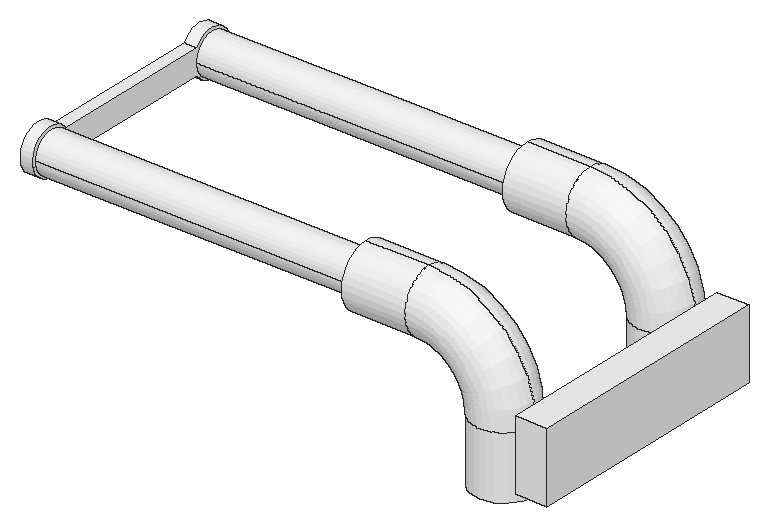
Revit family "Aquatherm_Соединительное колено_1", category Соединительные детали трубопроводов, Revit 2019
Family settings
  Размер круглого соединителя = Использовать диаметр
  Тип детали = Соединение
  На основе рабочей плоскости = Нет
  Всегда вертикально = Да
  При загрузке вырезать с полостями = Нет
  Общий = Нет
Parameters
  Материал_Корпус = AquaTherm pipe
  l [instance] = 80 mm
  d1 [instance] = 0 mm
  URL = "www.agpipe.ru"
  L [instance] = size_lookup("Соединительное колено", "L", 18 mm, d)  # 200 mm
  D [instance] = size_lookup("Соединительное колено", "D", 18 mm, d)  # 24.5 mm
  d [instance] = 16 mm
  ADSK_Примечание = ""
  ADSK_Позиция [instance] = ""
  ADSK_Обозначение = ""
  ADSK_Наименование [instance] = size_lookup("Соединительное колено", "ADSK_Наименование", "Нет в каталоге", d)  # "Соединительное колено DN16"
  ADSK_Масса_Текст [instance] = ""
  ADSK_Код изделия [instance] = size_lookup("Соединительное колено", "ADSK_Код изделия", "Нет в каталоге", d)  # "85121"
  ADSK_Завод-изготовитель = "Aquatherm"  # constant formula
  ADSK_Единица измерения = "шт."  # constant formula
Reference planes
  plane 1 "По центру (Вперед/Назад)": y = 0
  plane 2: z = 0
  plane 3 "По центру (Влево/Вправо)": x = 0
  plane 4: x = -100
  plane 5: x = 100
  plane 6: y = -40
  plane 7: y = 40
Forms (mm)
  Sweep 1, solid, material "AquaTherm pipe" <- "Материал_Корпус"
    path origin (-453.794, 166.115, 1200) x (-1, 0, 0) y (0, 0, 1)
      loop
        line (-539.044, -1255) -> (-539.044, -1230)
        arc (-539.044, -1230) -> (-530.257, -1208.787) -> (-509.044, -1200) r 30
        line (-509.044, -1200) -> (-484.044, -1200)
    profile origin (85.25, 166.115, -42.5) x (1, 0, 0) y (0, 1, 0)
      loop
        circle (0, -126.115) r 12.25
      loop
        circle (0, -126.115) r 8
  Sweep 2, solid, material "AquaTherm pipe" <- "Материал_Корпус"
    path origin (-453.794, -166.115, 1200) x (-1, 0, 0) y (0, 0, -1)
      loop
        line (-539.044, 1255) -> (-539.044, 1230)
        arc (-539.044, 1230) -> (-530.257, 1208.787) -> (-509.044, 1200) r 30
        line (-509.044, 1200) -> (-484.044, 1200)
    profile origin (85.25, -166.115, -42.5) x (-1, 0, 0) y (0, -1, 0)
      loop
        circle (0, -126.115) r 12.25
      loop
        circle (0, -126.115) r 8
  Extrusion 3, solid, material "AquaTherm pipe" <- "Материал_Корпус"
    sketch origin (0, 0, 0) x (0, 1, 0) y (0, 0, 1)
      loop
        circle (-40, 0) r 8
      loop
        circle (40, 0) r 8
    from -95 to 30.25
  Extrusion 4, solid, material "AquaTherm pipe" <- "Материал_Корпус"
    sketch origin (0, 0, 0) x (0, 1, 0) y (0, 0, 1)
      loop
        line (32.517, 5) -> (-32.517, 5)
        arc (-32.517, 5) -> (-49, 0) -> (-32.517, -5) r 9
        line (-32.517, -5) -> (32.517, -5)
        arc (32.517, -5) -> (49, 0) -> (32.517, 5) r 9
    from -100 to -95
  Extrusion 5, solid, material "AquaTherm pipe" <- "Материал_Корпус"
    sketch origin (0, 0, 0) x (1, 0, 0) y (0, 0, 1)
      loop
        line (110, -50) -> (110, -22.263) -> (97.5, -22.263) -> (97.5, -50) -> (110, -50)
    from -50 to 50
Lines and regions (mm)
  reference lines
    curve 1: line (-100, 40, 0) -> (85.25, 40, 0)
    curve 2: line (85.25, 40, -56.5) -> (85.25, 40, 0)
    curve 3: line (-100, -40, 0) -> (85.25, -40, 0)
    curve 4: line (-100, -40, 0) -> (85.25, -40, 0)
    curve 5: line (85.25, -40, -56.5) -> (85.25, -40, 0)
Dimensions and locks
  equal spacing: plane 4, plane 3 "По центру (Влево/Вправо)", plane 5
  "L": plane 4 to plane 5
  equal spacing: plane 7, plane 1 "По центру (Вперед/Назад)", plane 6
  "l": plane 7 to plane 6
  "d": diameter of Sweep 1 sketch curve
  "D": diameter of Sweep 1 sketch curve
  "d": diameter of Sweep 2 sketch curve
  "D": diameter of Sweep 2 sketch curve
  "d": diameter of Extrusion 3 sketch curve  (x2)
  aligned and locked: level to plane 2
  aligned and locked: plane 7 to Sweep 1 sketch curve  (x2)
  aligned and locked: plane 6 to Sweep 2 sketch curve  (x2)
  aligned and locked: plane 6 to Extrusion 3 sketch curve
  aligned and locked: plane 7 to Extrusion 3 sketch curve
  aligned and locked: Extrusion 3 to Sweep 1
  aligned and locked: Extrusion 4 to plane 4
Automatic sketch dimensions
  Sweep 1 sketch curve to level = 0 mm
  Sweep 1 sketch curve to plane 5 = 14.75 mm
  Sweep 1 sketch curve to level = 30 mm
  Sweep 1 sketch curve to Sweep 1 sketch curve = 25 mm  (x2)
  Sweep 2 sketch curve to level = 0 mm
  Sweep 2 sketch curve to plane 5 = 14.75 mm
  Sweep 2 sketch curve to Sweep 2 sketch curve = 30 mm
  Sweep 2 sketch curve to Sweep 2 sketch curve = 25 mm  (x2)
  Extrusion 4 sketch curve to level = 0 mm  (x2)
  Extrusion 4 sketch curve to plane 6 = 0 mm
  Extrusion 4 sketch curve to plane 7 = 0 mm
  plane 6 to Extrusion 4 sketch curve = 7.483 mm
  Extrusion 4 sketch curve to level = 5 mm
  Extrusion 4 sketch curve to plane 7 = 7.483 mm
  level to Extrusion 4 sketch curve = 5 mm
  Extrusion 5 sketch curve to level = 22.263 mm
  plane 5 to Extrusion 5 sketch curve = 10 mm
  Extrusion 5 sketch curve to Extrusion 5 sketch curve = 12.5 mm
  Extrusion 5 sketch curve to level = 50 mm
  curve 1 to level = 0 mm
  curve 1 to plane 4 = 0 mm
  curve 2 to plane 5 = 14.75 mm
  curve 2 to level = 56.5 mm
  curve 3 to level = 0 mm
  curve 4 to plane 4 = 0 mm
  curve 3 to plane 4 = 0 mm
  curve 5 to plane 5 = 14.75 mm
  curve 5 to level = 56.5 mm
  Sweep 1 sketch curve to Sweep 1 sketch curve = 0 mm
  Sweep 1 sketch curve to profile plane = 0 mm
  Sweep 2 sketch curve to Sweep 2 sketch curve = 0 mm
  Sweep 2 sketch curve to profile plane = 0 mm
  Extrusion 3 sketch curve to level = 0 mm  (x2)
Connectors
  piping at (-100, 40, 0), diameter 16, driven by "d"
    settings: on curve 1, index 1, connector inside diameter 609.6 mm, connector length 0 mm, flow factor 0, pipe flow 0.0 L/s, pressure drop 0.0 Pa, fitting loss kfactor 0, connector angle 0.00°, fixture units 0, engagement length 0 mm, angle of deflection 0.00°, flow configuration 0, flow direction 2, fitting loss method 0, system type 8, joint type 0, gender type 0, connector reference index -1, connector utility 0, adjustable connector no, is connector primary yes, connector description ""
  piping at (-100, -40, 0), diameter 16, driven by "d"
    settings: on curve 4, index 2, connector inside diameter 609.6 mm, connector length 0 mm, flow factor 0, pipe flow 0.0 L/s, pressure drop 0.0 Pa, fitting loss kfactor 0, connector angle 0.00°, fixture units 0, engagement length 0 mm, angle of deflection 0.00°, flow configuration 0, flow direction 2, fitting loss method 0, system type 7, joint type 0, gender type 0, connector reference index -1, connector utility 0, adjustable connector no, is connector primary no, connector description ""
  piping at (85.25, -40, -56.5), diameter 16, driven by "d"
    settings: on curve 5, index 3, connector inside diameter 609.6 mm, connector length 0 mm, flow factor 0, pipe flow 0.0 L/s, pressure drop 0.0 Pa, fitting loss kfactor 0, connector angle 0.00°, fixture units 0, engagement length 0 mm, angle of deflection 0.00°, flow configuration 0, flow direction 1, fitting loss method 0, system type 7, joint type 0, gender type 0, connector reference index -1, connector utility 0, adjustable connector no, is connector primary no, connector description ""
  piping at (85.25, 40, -56.5), diameter 16, driven by "d"
    settings: on curve 2, index 4, connector inside diameter 609.6 mm, connector length 0 mm, flow factor 0, pipe flow 0.0 L/s, pressure drop 0.0 Pa, fitting loss kfactor 0, connector angle 0.00°, fixture units 0, engagement length 0 mm, angle of deflection 0.00°, flow configuration 0, flow direction 1, fitting loss method 0, system type 8, joint type 0, gender type 0, connector reference index -1, connector utility 0, adjustable connector no, is connector primary no, connector description ""
